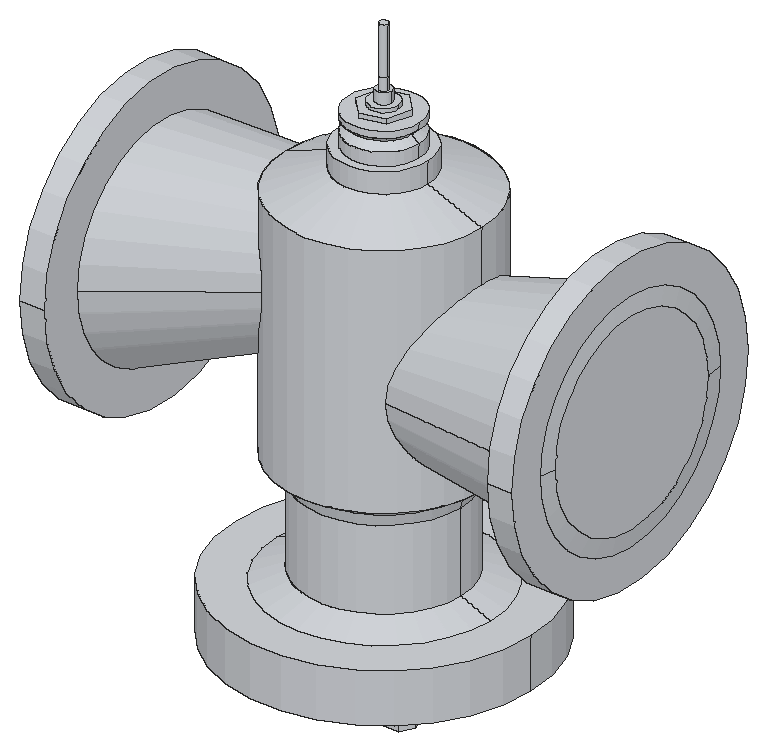
Revit family "2FGB_PN16_DN150_RFA_2019", category Pipe Accessories, Revit 2019
Family settings
  Round Connector Dimension = Use Diameter
  Part Type = Valve - Breaks Into
  Work Plane-Based = No
  Always vertical = Yes
  Cut with Voids When Loaded = No
  Shared = No
Parameters (values of type "2FGB PN16 DN150")
  magiProductId = ""
  magiProductFamilyId = ""
  magiPartTypeId = 306
  isMeasuringValve [instance] = no
  ang2D [instance] = 0.00°
  Z9 = 4.2 mm
  Z8 = 5.7 mm
  Z7 = 3 mm
  Z6 = 6 mm
  Z5 = 6 mm
  Z4 = 12 mm
  Z3 = 227.45 mm
  Z19 = 9.9 mm
  Z15 = 54.95 mm
  Z14__ve = -Z14  # -19.625 mm
  Z14 = 19.625 mm
  Z13 = 10.97 mm
  Z12 = 76.79 mm
  Z10 = 5.1 mm
  X4 = 47.6 mm
  X2__ve = -X2  # -23.8 mm
  X2 = 23.8 mm
  X1 = 2 mm
  W2D = 150 mm
  VersionID = ""
  Use Minimum Symbol Size [instance] = yes
  URL = "www.hydronix.cz"
  Type Comments = "Přírubový; EQM charakteristika; PN16; -10~+150°C"
  R9 = 4 mm
  R7 = 13.88 mm
  R6 = 23.134 mm
  R5 = 27.418 mm
  R4 = 34.272 mm
  R3 = 42.84 mm
  R2 = 77.625 mm
  R13 = 74.52 mm
  R12 = 7.287 mm
  R1 = 62.1 mm
  QmdConnectorList = "301;D;302;D"
  Productdata [instance] = "2FGB150 (DN150; PN16; kvs300)"
  Manufacturer = "Hydronix"
  Maintenance Zone Under Depth [instance] = 207 mm
  Maintenance Zone Right Depth [instance] = 175 mm
  Maintenance Zone Over Depth [instance] = 221 mm
  Maintenance Zone Left Depth [instance] = 175 mm
  Maintenance Zone Front Depth [instance] = 110 mm
  Maintenance Zone Back Depth [instance] = 110 mm
  Maintenance Zone Front Visibility [instance] = no
  LT2 = 240 mm
  L2D_Min = 3048 mm
  L2D = 480 mm
  HCDT2 = 103.5 mm
  H4 = 277 mm
  H3 = 157 mm
  H2 = 45 mm
  FDT2 = 142.5 mm
  Description = "2 cestný regulační ventil přírubový; DN150; PN16; kvs300; zdvih 45mm"
  D4 = 92.65 mm
  D3 = 109 mm
  D2 = 95.2 mm
  D = 150 mm
  CenSd_R6_6 = R6 * cos(30.00°)  # 20.034 mm
  CenSd_A_6 = A * cos(30.00°)  # 12.341 mm
  Clearance Zone Height Depth [instance] = 221 mm
  CZONC [instance] = 175 mm
  Clearance Zone Visibility [instance] = no
  B1 = 84.853 mm
  A = 14.25 mm
Types (5, lengths in mm): name | Z9 | Z8 | Z6 | Z5 | Z4 | Z3 | Z19 | Z15 | Z14__ve | Z14 | Z13 | Z12 | Z10 | X4 | X2__ve | X2 | W2D | R7 | R6 | R5 | R4 | R3 | R2 | R13 | R12 | R1 | Productdata | LT2 | L2D | HCDT2 | H4 | H3 | H2 | FDT2 | Description | D4 | D3 | D2 | D | CenSd_R6_6 | CenSd_A_6 | B1 | A
  2FGB PN16 DN100 | 4.165 | 5.602 | 5.95 | 5.95 | 11.9 | 168.575 | 9.767 | 40.775 | -14.562 | 14.562 | 8.12 | 56.84 | 5.082 | 34.6 | -17.3 | 17.3 | 100 | 10.089 | 16.816 | 19.93 | 24.912 | 31.14 | 57.375 | 55.08 | 5.297 | 45.9 | "2FGB100 (DN100; PN16; kvs130)" | 175 | 350 | 76.5 | 207 | 116.5 | 45 | 110 | "2 cestný regulační ventil přírubový; DN100; PN16; kvs130; zdvih 45mm" | 68.85 | 81 | 69.2 | 100 | 14.563 | 9.526 | 63.64 | 11
  2FGB PN16 DN080 | 4.2 | 5.7 | 6 | 6 | 12 | 151.95 | 9.9 | 36.75 | -13.125 | 13.125 | 7.32 | 51.24 | 5.1 | 30.6 | -15.3 | 15.3 | 80 | 8.923 | 14.872 | 17.626 | 22.032 | 27.54 | 49.875 | 47.88 | 4.685 | 39.9 | "2FGB80 (DN80; PN16; kvs100)" | 155 | 310 | 66.5 | 187 | 105 | 45 | 100 | "2 cestný regulační ventil přírubový; DN80; PN16; kvs100; zdvih 45mm" | 60.35 | 71 | 61.2 | 80 | 12.879 | 8.66 | 56.569 | 10
  2FGB PN16 DN065 | 4.2 | 5.7 | 6 | 6 | 12 | 139.45 | 9.9 | 33.25 | -11.875 | 11.875 | 6.82 | 47.74 | 5.1 | 28.6 | -14.3 | 14.3 | 65 | 8.34 | 13.9 | 16.474 | 20.592 | 25.74 | 44.25 | 42.48 | 4.378 | 35.4 | "2FGB65 (DN65; PN16; kvs63)" | 145 | 290 | 59 | 175 | 95 | 25 | 92.5 | "2 cestný regulační ventil přírubový; DN65; PN16; kvs63; zdvih 25mm" | 53.975 | 63.5 | 57.2 | 65 | 12.037 | 8.011 | 51.265 | 9.25
  2FGB PN16 DN150 | 4.2 | 5.7 | 6 | 6 | 12 | 227.45 | 9.9 | 54.95 | -19.625 | 19.625 | 10.97 | 76.79 | 5.1 | 47.6 | -23.8 | 23.8 | 150 | 13.88 | 23.134 | 27.418 | 34.272 | 42.84 | 77.625 | 74.52 | 7.287 | 62.1 | "2FGB150 (DN150; PN16; kvs300)" | 240 | 480 | 103.5 | 277 | 157 | 45 | 142.5 | "2 cestný regulační ventil přírubový; DN150; PN16; kvs300; zdvih 45mm" | 92.65 | 109 | 95.2 | 150 | 20.034 | 12.341 | 84.853 | 14.25
  2FGB PN16 DN125 | 4.2 | 5.7 | 6 | 6 | 12 | 196.45 | 9.9 | 48.65 | -17.375 | 17.375 | 9.22 | 64.54 | 5.1 | 39.6 | -19.8 | 19.8 | 125 | 11.547 | 19.246 | 22.81 | 28.512 | 35.64 | 68.625 | 65.88 | 6.062 | 54.9 | "2FGB125 (DN125; PN16; kvs200)" | 200 | 400 | 91.5 | 234 | 139 | 45 | 125 | "2 cestný regulační ventil přírubový; DN125; PN16; kvs200; zdvih 45mm" | 81.6 | 96 | 79.2 | 125 | 16.667 | 10.825 | 74.246 | 12.5
Reference planes
  plane 1 "Center (Front/Back)": y = 0
  plane 2 "XYPLANE": z = 0
  plane 3 "Center (Left/Right)": x = 0
  plane 4 "234": y = -84.853
  plane 5 "233": x = 84.853
  plane 6 "232": x = -84.853
  plane 7 "231": y = 84.853
  plane 8 "225": z = -267
  plane 9 "223": z = 221
  plane 10 "221": x = -175
  plane 11 "220": x = 175
  plane 12 "219": y = -110
  plane 13 "218": y = 110
  plane 14 "196": z = -207
  plane 15 "182": z = 217
  plane 16 "161": z = 205
  plane 17 "158": z = 199.3
  plane 18 "150": z = 195.1
  plane 19 "148": z = 192.1
  plane 20 "142": z = 187
  plane 21 "136": z = 181
  plane 22 "135": z = 175
  plane 23 "131": z = 169
  plane 24 "78": z = 117.75
  plane 25 "77": z = 137.375
  plane 26 "74": z = 157
  plane 27 "70": z = -109.7
  plane 28 "65": z = -120.67
  plane 29 "64": z = -131.64
  plane 30 "58": z = -208.43
  plane 31 "57": z = -219.4
  plane 32 "46": z = -277
  plane 33 "28": x = 214.2
  plane 34 "27": x = 238
  plane 35 "21": z = -20
  plane 36 "16": z = 54.95
  plane 37 "13": x = -214.2
  plane 38 "7": x = -238
  plane 39 "6": x = 240
  plane 40 "5": x = -240
  plane 41 "3": y = 0
  plane 42 "2": z = 0
  plane 43 "1": x = 0
Forms (mm)
  Extrusion 1, solid
    sketch origin (-750, 0, -277) x (1, 0, 0) y (0, 1, 0)
      loop
        line (849.103, -84.853) -> (841.978, -72.512) -> (827.728, -72.512) -> (820.603, -84.853) -> (827.728, -97.194) -> (841.978, -97.194) -> (849.103, -84.853)
    from 0 to 10
  Extrusion 2, solid
    sketch origin (-750, 0, -277) x (1, 0, 0) y (0, 1, 0)
      loop
        line (679.397, -84.853) -> (672.272, -72.512) -> (658.022, -72.512) -> (650.897, -84.853) -> (658.022, -97.194) -> (672.272, -97.194) -> (679.397, -84.853)
    from 0 to 10
  Extrusion 3, solid
    sketch origin (-750, 0, -277) x (1, 0, 0) y (0, 1, 0)
      loop
        line (849.103, 84.853) -> (841.978, 97.194) -> (827.728, 97.194) -> (820.603, 84.853) -> (827.728, 72.512) -> (841.978, 72.512) -> (849.103, 84.853)
    from 0 to 10
  Extrusion 4, solid
    sketch origin (-750, 0, -277) x (1, 0, 0) y (0, 1, 0)
      loop
        line (679.397, 84.853) -> (672.272, 97.194) -> (658.022, 97.194) -> (650.897, 84.853) -> (658.022, 72.512) -> (672.272, 72.512) -> (679.397, 84.853)
    from 0 to 10
  Blend 5, solid, visible <- "Maintenance Zone Front Visibility"
    base sketch origin (-750, 0, 221) x (1, 0, 0) y (0, 1, 0)
      loop
        line (575, 110) -> (575, -110) -> (925, -110) -> (925, 110) -> (575, 110)
    top sketch origin (-750, 0, 221) x (1, 0, 0) y (0, 1, 0)
      loop
        line (575, 110) -> (575, -110) -> (925, -110) -> (925, 110) -> (575, 110)
    from 0 to -428
  Extrusion 6, solid, visible <- "Clearance Zone Visibility"
    sketch origin (-750, 0, 0) x (1, 0, 0) y (0, 1, 0)
      loop
        circle (750, 0) r 175
    from 0 to 221 <- "Clearance Zone Height Depth"
  Extrusion 7, solid
    sketch origin (-750, 0, 195.1) x (1, 0, 0) y (0, 1, 0)
      loop
        circle (750, 0) r 7.287
    from 0 to 9.9 <- "Z19"
  Extrusion 8, solid
    sketch origin (-750, 0, 217) x (1, 0, 0) y (0, 1, 0)
      loop
        circle (750, 0) r 4
    from 0 to 45 <- "H2"
  Extrusion 9, solid
    sketch origin (-750, 0, 205) x (1, 0, 0) y (0, 1, 0)
      loop
        circle (750, 0) r 4
    from 0 to 12 <- "Z4"
  Extrusion 10, solid
    sketch origin (-750, 0, 192.1) x (1, 0, 0) y (0, 1, 0)
      loop
        circle (750, 0) r 13.88
    from 0 to 3 <- "Z7"
  Extrusion 11, solid
    sketch origin (-750, 0, 187) x (1, 0, 0) y (0, 1, 0)
      loop
        line (766.358, -16.358) -> (772.345, 5.987) -> (755.987, 22.345) -> (733.642, 16.358) -> (727.655, -5.987) -> (744.013, -22.345) -> (766.358, -16.358)
    from 0 to 5.1 <- "Z10"
  Extrusion 12, solid
    sketch origin (-750, 0, 181) x (1, 0, 0) y (0, 1, 0)
      loop
        circle (750, 0) r 34.272
    from 0 to 6 <- "Z6"
  Blend 13, solid
    base sketch origin (-750, 0, 175) x (1, 0, 0) y (0, 1, 0)
      loop
        circle (750, 0) r 27.418
    top sketch origin (-750, 0, 175) x (1, 0, 0) y (0, 1, 0)
      loop
        circle (750, 0) r 34.272
    from 0 to 6
  Blend 14, solid
    base sketch origin (-750, 0, 169) x (1, 0, 0) y (0, 1, 0)
      loop
        circle (750, 0) r 34.272
    top sketch origin (-750, 0, 169) x (1, 0, 0) y (0, 1, 0)
      loop
        circle (750, 0) r 27.418
    from 0 to 6
  Extrusion 15, solid
    sketch origin (-750, 0, 157) x (1, 0, 0) y (0, 1, 0)
      loop
        circle (750, 0) r 34.272
    from 0 to 12 <- "Z4"
  Extrusion 16, solid
    sketch origin (-750, 0, 157) x (1, 0, 0) y (0, 1, 0)
      loop
        circle (750, 0) r 42.84
    from 0 to -19.625 <- "Z14__ve"
  Blend 17, solid
    base sketch origin (-750, 0, 117.75) x (1, 0, 0) y (0, 1, 0)
      loop
        circle (750, 0) r 95.2
    top sketch origin (-750, 0, 117.75) x (1, 0, 0) y (0, 1, 0)
      loop
        circle (750, 0) r 42.84
    from 0 to 19.625
  Blend 18, solid
    base sketch origin (-750, 0, -120.67) x (1, 0, 0) y (0, 1, 0)
      loop
        circle (750, 0) r 77.625
    top sketch origin (-750, 0, -120.67) x (1, 0, 0) y (0, 1, 0)
      loop
        circle (750, 0) r 95.2
    from 0 to 10.97
  Blend 19, solid
    base sketch origin (-750, 0, -131.64) x (1, 0, 0) y (0, 1, 0)
      loop
        circle (750, 0) r 74.52
    top sketch origin (-750, 0, -131.64) x (1, 0, 0) y (0, 1, 0)
      loop
        circle (750, 0) r 77.625
    from 0 to 10.97
  Extrusion 20, solid
    sketch origin (-750, 0, -208.43) x (1, 0, 0) y (0, 1, 0)
      loop
        circle (750, 0) r 74.52
    from 0 to 76.79 <- "Z12"
  Blend 21, solid
    base sketch origin (-750, 0, -219.4) x (1, 0, 0) y (0, 1, 0)
      loop
        circle (750, 0) r 103.5
    top sketch origin (-750, 0, -219.4) x (1, 0, 0) y (0, 1, 0)
      loop
        circle (750, 0) r 74.52
    from 0 to 10.97
  Extrusion 22, solid
    sketch origin (-750, 0, -267) x (1, 0, 0) y (0, 1, 0)
      loop
        circle (750, 0) r 142.5
    from 0 to 47.6 <- "X4"
  Blend 23, solid
    base sketch origin (238, -750, 0) x (0, 1, 0) y (0, 0, 1)
      loop
        circle (750, 0) r 109
    top sketch origin (238, -750, 0) x (0, 1, 0) y (0, 0, 1)
      loop
        circle (750, 0) r 92.65
    from 0 to 2
  Blend 24, solid
    base sketch origin (-240, -750, 0) x (0, 1, 0) y (0, 0, 1)
      loop
        circle (750, 0) r 92.65
    top sketch origin (-240, -750, 0) x (0, 1, 0) y (0, 0, 1)
      loop
        circle (750, 0) r 109
    from 0 to 2
  Extrusion 25, solid
    sketch origin (238, -750, 0) x (0, 1, 0) y (0, 0, 1)
      loop
        circle (750, 0) r 142.5
    from 0 to -23.8 <- "X2__ve"
  Blend 26, solid
    base sketch origin (0, -750, 0) x (0, 1, 0) y (0, 0, 1)
      loop
        circle (750, -20) r 62.1
    top sketch origin (0, -750, 0) x (0, 1, 0) y (0, 0, 1)
      loop
        circle (750, 0) r 103.5
    from 0 to 214.2
  Extrusion 27, solid
    sketch origin (-750, 0, -109.7) x (1, 0, 0) y (0, 1, 0)
      loop
        circle (750, 0) r 95.2
    from 0 to 227.45 <- "Z3"
  Blend 28, solid
    base sketch origin (-214.2, -750, 0) x (0, 1, 0) y (0, 0, 1)
      loop
        circle (750, 0) r 103.5
    top sketch origin (-214.2, -750, 0) x (0, 1, 0) y (0, 0, 1)
      loop
        circle (750, 54.95) r 62.1
    from 0 to 214.2
  Extrusion 29, solid
    sketch origin (-238, -750, 0) x (0, 1, 0) y (0, 0, 1)
      loop
        circle (750, 0) r 142.5
    from 0 to 23.8 <- "X2"
  Extrusion 30, solid, not visible
    sketch origin (240, -750, 0) x (0, 1, 0) y (0, 0, 1)
      loop
        circle (750, 0) r 10
    from 0 to -10
  Extrusion 31, solid, not visible
    sketch origin (-240, -750, 0) x (0, 1, 0) y (0, 0, 1)
      loop
        circle (750, 0) r 10
    from 0 to 10
Lines and regions (mm)
  reference lines, not visible
    curve 1: circle (2, 2, 0) r 1 normal (0, 0, 1)
  reference lines
    curve 2: line (84.853, -84.853, -277) -> (82.103, -80.09, -277)
    curve 3: line (84.853, -84.853, -277) -> (79.353, -84.853, -277)
    curve 4: line (84.853, -84.853, -277) -> (82.103, -89.616, -277)
    curve 5: line (-84.853, -84.853, -277) -> (-87.603, -80.09, -277)
    curve 6: line (-84.853, -84.853, -277) -> (-90.353, -84.853, -277)
    curve 7: line (-84.853, -84.853, -277) -> (-87.603, -89.616, -277)
    curve 8: line (84.853, 84.853, -277) -> (82.103, 89.616, -277)
    curve 9: line (84.853, 84.853, -277) -> (79.353, 84.853, -277)
    curve 10: line (84.853, 84.853, -277) -> (82.103, 80.09, -277)
    curve 11: line (-84.853, 84.853, -277) -> (-87.603, 89.616, -277)
    curve 12: line (-84.853, 84.853, -277) -> (-90.353, 84.853, -277)
    curve 13: line (-84.853, 84.853, -277) -> (-87.603, 80.09, -277)
    curve 14: line (0, 0, 187) -> (2.176, 8.121, 187)
    curve 15: line (0, 0, 187) -> (-5.945, 5.945, 187)
    curve 16: line (0, 0, 187) -> (-8.121, -2.176, 187)
Dimensions and locks
  plane 1 "Center (Front/Back)" to curve 1 = 2 mm
  "B1": plane 1 "Center (Front/Back)" to plane 4 "234"
  "B1": plane 3 "Center (Left/Right)" to plane 5 "233"
  "B1": plane 3 "Center (Left/Right)" to plane 6 "232"
  "B1": plane 1 "Center (Front/Back)" to plane 7 "231"
  locked: plane 32 "46" to plane 8 "225" at 10
  "Maintenance Zone Over Depth": plane 2 "XYPLANE" to plane 9 "223"
  "Maintenance Zone Left Depth": plane 3 "Center (Left/Right)" to plane 10 "221"
  "Maintenance Zone Right Depth": plane 3 "Center (Left/Right)" to plane 11 "220"
  "Maintenance Zone Front Depth": plane 1 "Center (Front/Back)" to plane 12 "219"
  "Maintenance Zone Back Depth": plane 1 "Center (Front/Back)" to plane 13 "218"
  "Maintenance Zone Under Depth": plane 2 "XYPLANE" to plane 14 "196"
  "Z4": plane 16 "161" to plane 15 "182"
  "Z8": plane 17 "158" to plane 16 "161"
  "Z9": plane 18 "150" to plane 17 "158"
  "Z7": plane 19 "148" to plane 18 "150"
  "Z10": plane 20 "142" to plane 19 "148"
  "Z6": plane 21 "136" to plane 20 "142"
  "Z5": plane 22 "135" to plane 21 "136"
  "Z5": plane 23 "131" to plane 22 "135"
  "Z4": plane 26 "74" to plane 23 "131"
  "Z14": plane 25 "77" to plane 24 "78"
  "Z14": plane 26 "74" to plane 25 "77"
  "H3": plane 2 "XYPLANE" to plane 26 "74"
  "Z13": plane 28 "65" to plane 27 "70"
  "Z13": plane 29 "64" to plane 28 "65"
  "Z12": plane 30 "58" to plane 29 "64"
  "Z13": plane 31 "57" to plane 30 "58"
  "X4": plane 8 "225" to plane 31 "57"
  "H4": plane 2 "XYPLANE" to plane 32 "46"
  "X2": plane 34 "27" to plane 33 "28"
  "X1": plane 39 "6" to plane 34 "27"
  locked: plane 42 "2" to plane 35 "21" at 20
  "Z15": plane 42 "2" to plane 36 "16"
  "X2": plane 38 "7" to plane 37 "13"
  "X1": plane 40 "5" to plane 38 "7"
  "LT2": plane 3 "Center (Left/Right)" to plane 39 "6"
  "LT2": plane 3 "Center (Left/Right)" to plane 40 "5"
  locked: plane 1 "Center (Front/Back)" to plane 41 "3"
  locked: plane 2 "XYPLANE" to plane 42 "2"
  locked: plane 3 "Center (Left/Right)" to plane 43 "1"
  "CenSd_A_6": curve 2 to Extrusion 1 sketch curve  (x2)
  "CenSd_A_6": curve 3 to Extrusion 1 sketch curve  (x2)
  "CenSd_A_6": curve 4 to Extrusion 1 sketch curve  (x2)
  "CenSd_A_6": curve 5 to Extrusion 2 sketch curve  (x2)
  "CenSd_A_6": curve 6 to Extrusion 2 sketch curve  (x2)
  "CenSd_A_6": curve 7 to Extrusion 2 sketch curve  (x2)
  "CenSd_A_6": curve 8 to Extrusion 3 sketch curve  (x2)
  "CenSd_A_6": curve 9 to Extrusion 3 sketch curve  (x2)
  "CenSd_A_6": curve 10 to Extrusion 3 sketch curve  (x2)
  "CenSd_A_6": curve 11 to Extrusion 4 sketch curve  (x2)
  "CenSd_A_6": curve 12 to Extrusion 4 sketch curve  (x2)
  "CenSd_A_6": curve 13 to Extrusion 4 sketch curve  (x2)
  "CenSd_R6_6": curve 14 to Extrusion 11 sketch curve  (x2)
  "CenSd_R6_6": curve 15 to Extrusion 11 sketch curve  (x2)
  "CenSd_R6_6": curve 16 to Extrusion 11 sketch curve  (x2)
  "CZONC": radius of Extrusion 6 sketch curve
  "R12": radius of Extrusion 7 sketch curve
  "R9": radius of Extrusion 8 sketch curve
  "R9": radius of Extrusion 9 sketch curve
  "R7": radius of Extrusion 10 sketch curve
  "R4": radius of Extrusion 12 sketch curve
  "R4": radius of Blend 13 sketch curve
  "R5": radius of Blend 13 sketch curve
  "R5": radius of Blend 14 sketch curve
  "R4": radius of Blend 14 sketch curve
  "R4": radius of Extrusion 15 sketch curve
  "R3": radius of Extrusion 16 sketch curve
  "R3": radius of Blend 17 sketch curve
  "D2": radius of Blend 17 sketch curve
  "D2": radius of Blend 18 sketch curve
  "R2": radius of Blend 18 sketch curve
  "R2": radius of Blend 19 sketch curve
  "R13": radius of Blend 19 sketch curve
  "R13": radius of Extrusion 20 sketch curve
  "R13": radius of Blend 21 sketch curve
  "HCDT2": radius of Blend 21 sketch curve
  "FDT2": radius of Extrusion 22 sketch curve
  "D4": radius of Blend 23 sketch curve
  "D3": radius of Blend 23 sketch curve
  "D3": radius of Blend 24 sketch curve
  "D4": radius of Blend 24 sketch curve
  "FDT2": radius of Extrusion 25 sketch curve
  "HCDT2": radius of Blend 26 sketch curve
  "R1": radius of Blend 26 sketch curve
  "D2": radius of Extrusion 27 sketch curve
  "R1": radius of Blend 28 sketch curve
  "HCDT2": radius of Blend 28 sketch curve
  "FDT2": radius of Extrusion 29 sketch curve
  locked: curve 3 to curve 2 (angle 60.00°)
  locked: curve 4 to curve 3 (angle 60.00°)
  locked: curve 4 to curve 2 (angle 120.00°)
  locked: curve 6 to curve 5 (angle 60.00°)
  locked: curve 7 to curve 6 (angle 60.00°)
  locked: curve 7 to curve 5 (angle 120.00°)
  locked: curve 9 to curve 8 (angle 60.00°)
  locked: curve 10 to curve 9 (angle 60.00°)
  locked: curve 10 to curve 8 (angle 120.00°)
  locked: curve 12 to curve 11 (angle 60.00°)
  locked: curve 13 to curve 12 (angle 60.00°)
  locked: curve 13 to curve 11 (angle 120.00°)
  locked: curve 15 to curve 14 (angle 60.00°)
  locked: curve 16 to curve 15 (angle 60.00°)
  locked: curve 16 to curve 14 (angle 120.00°)
  aligned and locked: level to plane 2 "XYPLANE"
  aligned and locked: plane 4 "234" to curve 2
  aligned and locked: plane 5 "233" to curve 2
  aligned and locked: plane 4 "234" to curve 5
  aligned and locked: plane 6 "232" to curve 5
  aligned and locked: plane 5 "233" to curve 8
  aligned and locked: plane 7 "231" to curve 8
  aligned and locked: plane 6 "232" to curve 11
  aligned and locked: plane 7 "231" to curve 11
  aligned and locked: plane 13 "218" to Blend 5 sketch curve  (x4)
  aligned and locked: plane 12 "219" to Blend 5 sketch curve  (x4)
  aligned and locked: plane 10 "221" to Blend 5 sketch curve  (x4)
  aligned and locked: plane 11 "220" to Blend 5 sketch curve  (x4)
  aligned and locked: Blend 5 to plane 14 "196"
  aligned and locked: plane 41 "3" to Extrusion 6 sketch curve
  aligned and locked: plane 43 "1" to Extrusion 6 sketch curve
  aligned and locked: plane 41 "3" to Extrusion 7 sketch curve
  aligned and locked: plane 43 "1" to Extrusion 7 sketch curve
  aligned and locked: plane 41 "3" to Extrusion 8 sketch curve
  aligned and locked: plane 43 "1" to Extrusion 8 sketch curve
  aligned and locked: plane 41 "3" to Extrusion 9 sketch curve
  aligned and locked: plane 43 "1" to Extrusion 9 sketch curve
  aligned and locked: plane 41 "3" to Extrusion 10 sketch curve
  aligned and locked: plane 43 "1" to Extrusion 10 sketch curve
  aligned and locked: plane 41 "3" to curve 14
  aligned and locked: plane 43 "1" to curve 14
  aligned and locked: plane 41 "3" to Extrusion 12 sketch curve
  aligned and locked: plane 43 "1" to Extrusion 12 sketch curve
  aligned and locked: plane 41 "3" to Blend 13 sketch curve  (x2)
  aligned and locked: plane 43 "1" to Blend 13 sketch curve  (x2)
  aligned and locked: plane 21 "136" to Blend 13
  aligned and locked: plane 41 "3" to Blend 14 sketch curve  (x2)
  aligned and locked: plane 43 "1" to Blend 14 sketch curve  (x2)
  aligned and locked: plane 22 "135" to Blend 14
  aligned and locked: plane 41 "3" to Extrusion 15 sketch curve
  aligned and locked: plane 43 "1" to Extrusion 15 sketch curve
  aligned and locked: plane 41 "3" to Extrusion 16 sketch curve
  aligned and locked: plane 43 "1" to Extrusion 16 sketch curve
  aligned and locked: plane 41 "3" to Blend 17 sketch curve  (x2)
  aligned and locked: plane 43 "1" to Blend 17 sketch curve  (x2)
  aligned and locked: plane 25 "77" to Blend 17
  aligned and locked: plane 41 "3" to Blend 18 sketch curve  (x2)
  aligned and locked: plane 43 "1" to Blend 18 sketch curve  (x2)
  aligned and locked: plane 27 "70" to Blend 18
  aligned and locked: plane 41 "3" to Blend 19 sketch curve  (x2)
  aligned and locked: plane 43 "1" to Blend 19 sketch curve  (x2)
  aligned and locked: plane 28 "65" to Blend 19
  aligned and locked: plane 41 "3" to Extrusion 20 sketch curve
  aligned and locked: plane 43 "1" to Extrusion 20 sketch curve
  aligned and locked: plane 41 "3" to Blend 21 sketch curve  (x2)
  aligned and locked: plane 43 "1" to Blend 21 sketch curve  (x2)
  aligned and locked: plane 30 "58" to Blend 21
  aligned and locked: plane 41 "3" to Extrusion 22 sketch curve
  aligned and locked: plane 43 "1" to Extrusion 22 sketch curve
  aligned and locked: Blend 23 sketch curve to plane 41 "3"  (x2)
  aligned and locked: plane 42 "2" to Blend 23 sketch curve  (x2)
  aligned and locked: plane 39 "6" to Blend 23
  aligned and locked: Blend 24 sketch curve to plane 41 "3"  (x2)
  aligned and locked: plane 42 "2" to Blend 24 sketch curve  (x2)
  aligned and locked: plane 38 "7" to Blend 24
  aligned and locked: Extrusion 25 sketch curve to plane 41 "3"
  aligned and locked: plane 42 "2" to Extrusion 25 sketch curve
  aligned and locked: Blend 26 sketch curve to plane 41 "3"  (x2)
  aligned and locked: plane 42 "2" to Blend 26 sketch curve
  aligned and locked: plane 35 "21" to Blend 26 sketch curve
  aligned and locked: plane 33 "28" to Blend 26
  aligned and locked: plane 41 "3" to Extrusion 27 sketch curve
  aligned and locked: plane 43 "1" to Extrusion 27 sketch curve
  aligned and locked: plane 36 "16" to Blend 28 sketch curve
  aligned and locked: plane 41 "3" to Blend 28 sketch curve
  aligned and locked: Blend 28 sketch curve to plane 41 "3"
  aligned and locked: plane 42 "2" to Blend 28 sketch curve
  aligned and locked: plane 43 "1" to Blend 28
  aligned and locked: Extrusion 29 sketch curve to plane 41 "3"
  aligned and locked: plane 42 "2" to Extrusion 29 sketch curve
  aligned and locked: Extrusion 30 sketch curve to plane 41 "3"
  aligned and locked: plane 42 "2" to Extrusion 30 sketch curve
  aligned and locked: Extrusion 31 sketch curve to plane 41 "3"
  aligned and locked: plane 42 "2" to Extrusion 31 sketch curve
Automatic sketch dimensions
  plane 1 "Center (Front/Back)" to curve 16 = 2.176 mm
  plane 1 "Center (Front/Back)" to Extrusion 30 sketch curve = 10 mm
  plane 1 "Center (Front/Back)" to Extrusion 31 sketch curve = 10 mm
  plane 3 "Center (Left/Right)" to curve 1 = 2 mm
  radius of curve 1 = 1 mm
Connectors
  piping at (-240, 0, 0), diameter 150, driven by "D"
    settings: on Extrusion 31, index 1, connector inside diameter 609.6 mm, connector length 0 mm, flow factor 0, pipe flow 0.0 L/s, pressure drop 0.0 Pa, fitting loss kfactor 0, connector angle 0.00°, fixture units 0, engagement length 0 mm, angle of deflection 0.00°, flow configuration 0, flow direction 0, fitting loss method 0, system type 29, joint type 0, gender type 0, connector reference index 2, connector utility 0, adjustable connector no, is connector primary yes, connector description ""
  piping at (240, 0, 0), diameter 150, driven by "D"
    settings: on Extrusion 30, index 2, connector inside diameter 609.6 mm, connector length 0 mm, flow factor 0, pipe flow 0.0 L/s, pressure drop 0.0 Pa, fitting loss kfactor 0, connector angle 0.00°, fixture units 0, engagement length 0 mm, angle of deflection 0.00°, flow configuration 0, flow direction 0, fitting loss method 0, system type 29, joint type 0, gender type 0, connector reference index 1, connector utility 0, adjustable connector no, is connector primary no, connector description ""
